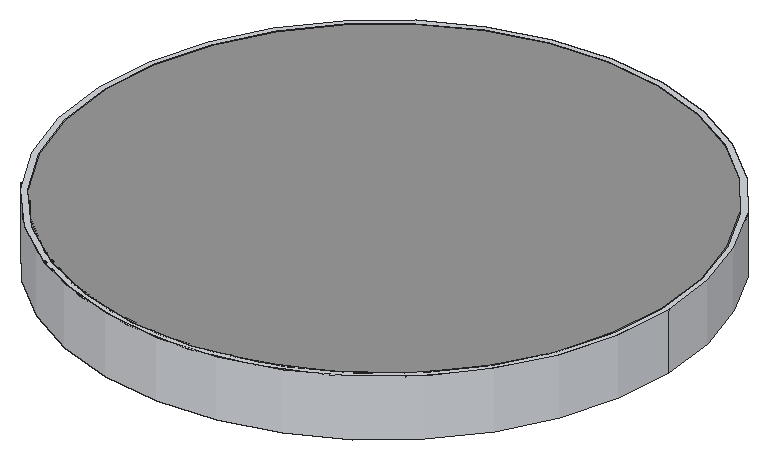
Revit family "2071161", category Lighting Fixtures, host Face, Revit 2018
Family settings
  Host = Face
  Round Connector Dimension = Use Diameter
  Part Type = Normal
  OmniClass Number = 23.80.70.00
  OmniClass Title = Lighting
  Cut with Voids When Loaded = No
  Light Source = Yes
  Shared = No
  Room Calculation Point = No
Parameters (values of type "2071161 COLOSSAL 600 830 OP DIR WHT")
  iner diameter = 588 mm
  Weight = "n/a"
  Wattage Comments = ""
  Wattage = 30 W
  WarrantyStartDate [instance] = "n/a"
  WarrantyGuarantorParts = "n/a"
  WarrantyDurationUnit = "n/a"
  WarrantyDurationParts = ""
  WarrantyDescription = "http://www.sylvania-lighting.com"
  built-in parameter 1150110 = 1 (stored number, unit not read)
  Voltage = 230 V
  URL = "0.95"
  TypeName = "COLOSSAL 600mm 830 OPAL DIR WHITE"
  Type Image = <None>
  Type Comments = "n/a"
  built-in parameter 1114217 = 1 (stored number, unit not read)
  Tilt Angle = -90.00°
  built-in parameter 1150109 = 1 (stored number, unit not read)
  built-in parameter 1150134 = (empty or 0)
  built-in parameter 1150113 = 1 (stored number, unit not read)
  SerialNumber [instance] = "n/a"
  Photometric Web File = "2071161.ies"
  Material_3_SYL = LED-Sylvania
  PowerFactor = 0
  PowerConsumption = "Lighting"
  NominalLength = 600 mm
  NominalHeight = 93 mm
  NominalDepth = 600 mm
  Name = "COLOSSAL 600mm 830 OPAL DIR WHITE"
  ModelReference = Name  # "COLOSSAL 600mm 830 OPAL DIR WHITE"
  ModelNumber = "2071161"
  Model = Name  # "COLOSSAL 600mm 830 OPAL DIR WHITE"
  Material = "Feilo Sylvania"
  ManufacturerName = "125 lm/W"
  Manufacturer = ""
  LuminousEfficacy = ""
  built-in parameter 1150105 = 270.44 (stored number, unit not read)
  Lumens = 3398.4 lm
  LuminaireType = "0"
  built-in parameter 1150115 = 1 (stored number, unit not read)
  LightOutputRatio = "LED"
  built-in parameter 1150137 = (empty or 0)
  built-in parameter 1150139 = (empty or 0)
  LampsType = Lamp  # "n/a"
  LampNominalLuminous = "3000 K"
  LampMacAdamStep = "80"
  LampColourTemperature = "LED"
  LampColourRenderingIndex = "16500"
  built-in parameter 1150112 = 1 (stored number, unit not read)
  built-in parameter 1150114 = 1 (stored number, unit not read)
  Lamp = "n/a"
  Keynote = "n/a"
  InstallationDate [instance] = "n/a"
  InputVoltage = "0"
  InputNominalFrequency = "3000"
  built-in parameter 1150132 = (empty or 0)
  built-in parameter 1150102 = (empty or 0)
  built-in parameter 1150107 = 3000 (stored number, unit not read)
  built-in parameter 1150138 = (empty or 0)
  IngressProtection = "IfcLightFixtureType"
  ImpactProtectionIndex = "IfcLightFixtureType"
  built-in parameter 1150106 = 2.7044 (stored number, unit not read)
  IfcExportType = "IfcLightFixtureType"
  IfcExportAs = "Class I"
  Emit from Circle Diameter = 385 mm
  Emit Shape Visible in Rendering = no
  ElectricShockClassification = "125"
  built-in parameter 1150104 = 10.524 (stored number, unit not read)
  DocumentationLiterature = "http://www.sylvania-lighting.com/product/en-int/products/2071161"
  DimmingControlOptions = "n/a"
  Material_2_SYL = Polycarbonate_Sylvania_White
  Dimming Lamp Color Temperature Shift = <None>
  Description = "600mm diameter circular architectural luminaire, can be surface mounted or suspended. Powder coated aluminium housing (RAL9016) with polycarbonate opal diffuser. Direct light distribution, 5075lm luminuous flux, 40.6W system power, 125lm/W luminiaire efficacy. Constant current driver. Colour rendering index Ra >80, 3000K Warm White LED, chromaticity tolerance of 3-step MacAdam ellipse. IP40, IK03. 450mA drive current. Electrical protection Class1, 220-240V. Reported lifetime 66k hours L90B10."
  Default Elevation = 1219.2 mm
  CreatedOn = "23/03/2022"
  CreatedBy = "@sylvania-lighting.com"
  Cost = 0
  Color Filter = 16777215
  built-in parameter 1114216 [instance] = (empty or 0)
  ClassificationValue = "EF_70_80"
  ClassificationName = "Uniclass2015"
  Material_1_SYL = Polycarbonate_Sylvania_Opal
  BarCode [instance] = "n/a"
  built-in parameter 1114218 = 1 (stored number, unit not read)
  built-in parameter 1150133 = 10 (stored number, unit not read)
  AssetType = "Fixed"
  AssetIdentifier [instance] = "n/a"
  Assembly Code = "D5020200"
  Apparent Load = 40.6 VA
  Material_4_SYL = none
Reference planes
  plane 1 "Center (Front/Back)": y = 0
  plane 2: z = 0
  plane 3 "Center (Left/Right)": x = 0
  plane 4: x = -300
  plane 5: x = 300
  plane 6: y = 300
  plane 7: y = -300
  plane 8: y = 212
  plane 9: y = -212
  plane 10: z = 93
  plane 11: y = 294
  plane 12: y = -294
  plane 13: through (0, 0, 1219.2) normal (0.5, -0.866, 0)
  plane 14: through (-134.29, 20.617, 1219.2) normal (0.5, -0.866, 0)
  plane 15: through (-144.685, -181.683, 1219.2) normal (-0.5, 0.866, 0)
  plane 16: through (0, 0, 1219.2) normal (0.5, 0.866, 0)
  plane 17: through (178.555, -4.939, 1219.2) normal (0.5, 0.866, 0)
  plane 18: through (87.581, -148.715, 1219.2) normal (0.5, 0.866, 0)
  plane 19: y = 272
  plane 20: through (105.168, 227.067, 1219.2) normal (0.866, 0.5, 0)
  plane 21: through (-104.171, 225.672, 1219.2) normal (0.8572, -0.515, 0)
  plane 22: y = -204.612
  plane 23: through (-296.643, -30.2, 1219.2) normal (0.866, 0.5, 0)
  plane 24: through (153.092, -278.837, 1219.2) normal (-0.866, 0.5, 0)
Forms (mm)
  Extrusion 1, solid, detail levels medium+fine
    sketch origin (0, 0, 0) x (1, 0, 0) y (0, 1, 0)
      loop
        circle (0, 0) r 300
    from 33.023 to 93
  Extrusion 2, void
    sketch origin (0, 0, 0) x (1, 0, 0) y (0, 1, 0)
      loop
        circle (0, 0) r 294
    from 93 to 37.292
  Extrusion 3, solid, material "Glass, White, High Luminance", detail levels fine
    sketch origin (0, 0, 0) x (1, 0, 0) y (0, 1, 0)
      loop
        circle (0, 0) r 294
    from 88.026 to 93
  Extrusion 4, solid, detail levels coarse
    sketch origin (0, 0, 0) x (1, 0, 0) y (0, 1, 0)
      loop
        line (-300, 300) -> (-300, -300) -> (300, -300) -> (300, 300) -> (-300, 300)
    from 0 to 93
  Blend 5, solid, detail levels medium+fine
    base sketch origin (0, 0, 0) x (1, 0, 0) y (0, 1, 0)
      loop
        line (-76.334, 272) -> (-277.665, -63.07) -> (-195.946, -204.612) -> (195.946, -204.612) -> (275.172, -67.388) -> (79.226, 272) -> (-76.334, 272)
    top sketch origin (0, 0, 0) x (1, 0, 0) y (0, 1, 0)
      loop
        line (-226.097, -32.388) -> (-141.097, -179.612) -> (141.097, -179.612) -> (226.097, -32.388) -> (85, 212) -> (-85, 212) -> (-226.097, -32.388)
    from 33.023 to 0
Cuts and joins
  Extrusion 2 cuts Extrusion 1
Lines and regions (mm)
  model lines
    curve 1: line (-85, 212, 0) -> (0, 212, 0)
    curve 2: line (0, 212, 0) -> (85, 212, 0)
Dimensions and locks
  "NominalDepth": plane 6 to plane 7
  "NominalLength": plane 4 to plane 5
  equal spacing: plane 4, plane 3 "Center (Left/Right)", plane 5
  "iner diameter": plane 11 to plane 12
  equal spacing: plane 11, plane 1 "Center (Front/Back)", plane 12
  equal spacing: plane 6, plane 1 "Center (Front/Back)", plane 7
  "NominalHeight": plane 10 to level
  radius of Extrusion 2 sketch curve = 294 mm
  aligned and locked: plane 2 to host face
  aligned and locked: level to host face
Automatic sketch dimensions
  host sketch curve to host sketch curve = 2438.4 mm  (x2)
  plane 1 "Center (Front/Back)" to Extrusion 1 sketch curve = 0 mm
  Extrusion 1 sketch curve to plane 3 "Center (Left/Right)" = 0 mm
  plane 1 "Center (Front/Back)" to Extrusion 2 sketch curve = 0 mm
  Extrusion 2 sketch curve to plane 3 "Center (Left/Right)" = 0 mm
  plane 1 "Center (Front/Back)" to Extrusion 3 sketch curve = 0 mm
  Extrusion 3 sketch curve to plane 3 "Center (Left/Right)" = 0 mm
  Extrusion 4 sketch curve to plane 4 = 0 mm
  Extrusion 4 sketch curve to plane 5 = 0 mm
  Extrusion 4 sketch curve to plane 7 = 0 mm
  Extrusion 4 sketch curve to plane 6 = 0 mm
  Blend 5 sketch curve to plane 8 = 0 mm
  Blend 5 sketch curve to plane 3 "Center (Left/Right)" = 85 mm
  plane 3 "Center (Left/Right)" to Blend 5 sketch curve = 85 mm
  plane 9 to Blend 5 sketch curve = 32.388 mm
  plane 3 "Center (Left/Right)" to Blend 5 sketch curve = 141.097 mm
  plane 1 "Center (Front/Back)" to Blend 5 sketch curve = 32.388 mm  (x2)
  Blend 5 sketch curve to plane 5 = 73.903 mm
  Blend 5 sketch curve to plane 3 "Center (Left/Right)" = 141.097 mm
  plane 4 to Blend 5 sketch curve = 73.903 mm
  curve 1 to plane 8 = 0 mm
  curve 2 to plane 3 "Center (Left/Right)" = 0 mm
  curve 1 to plane 3 "Center (Left/Right)" = 85 mm
  curve 1 to curve 2 = 85 mm
  Blend 5 sketch curve to plane 21 = 0 mm
  Blend 5 sketch curve to plane 23 = 0 mm  (x2)
  Blend 5 sketch curve to plane 22 = 0 mm
  Blend 5 sketch curve to plane 19 = 0 mm
  plane 21 to Blend 5 sketch curve = 0 mm
  Blend 5 sketch curve to plane 20 = 0 mm  (x2)
  Blend 5 sketch curve to plane 24 = 0 mm  (x2)
  radius of Extrusion 1 sketch curve = 300 mm
  radius of Extrusion 3 sketch curve = 294 mm
Connectors
  electrical at (0, 0, 0), driven by "Apparent Load", driven by "PowerFactor", driven by "Voltage"
    settings: index 1, voltage 230 V, apparent load 40.6 VA, apparent load phase1 0 VA, apparent load phase2 0 VA, apparent load phase3 0 VA, power factor 0, load classification "Lighting", number of poles 1, system type 30, power factor state 1, is connector primary yes, connector utility no, sub classification motor no, connector description ""
